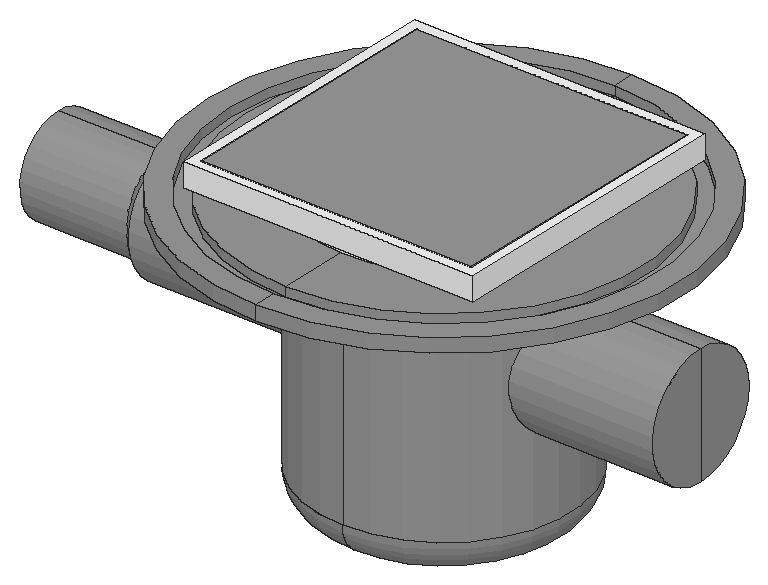
Revit family "HL_Трап для внутренних помещений_HL300", category Instalační zařizovací předměty, Revit 2016
Family settings
  Typ součásti = Normální
  Kóta kulaté spojky = Použít průměr
  Číslo OmniClass = 23.70.50.21.24.14
  Nadpis OmniClass = Deck Waste Water Drains
  Založené na pracovní rovině = Ne
  Vždy vertikální = Ano
  Ořezat dutým tvarem při načtení = Ne
  Sdílené = Ano
  Bod výpočtu místnosti = Ano
Parameters (values of type "131_HL300")
  РЕШЁТКА = "115x115mm / V2A"
  РАЗМЕР = "DN50"
  ПРОПУСКНАЯ СПОСОБНОСТЬ = 0.5 L/s
  ПРОИЗВОДИТЕЛЬНОСТЬ = "0,5 l/sec"
  ПРИЁМНОЕ ОТВЕРСТИЕ = "DN40/50"
  ПРАВОВАЯ ИНФОРМАЦИЯ = "Авторские права(©), права на дизайн или какие либо другие права интелектуальной собственности являются исключительной собственностью компании HL Hutterer & Lechner. Изменению не подлежит. Файл семейства с данными о прозводителе изделия защищен паролем с водяным знаком."  # constant formula
  НОМИНАЛЬНЫЙ ДИАМЕТР ПРИТОКА [instance] = 40 mm
  НОМИНАЛЬНЫЙ ДИАМЕТР = 50 mm
  НАСАДКА = "12-70mm / 123x123mm / PP"
  МАТЕРИАЛ = "PE"
  МАКСИМАЛЬНАЯ НАГРУЗКА КЛАССА = "K3 - 300 kg"
  ВЫСОТА МОНТАЖА = "135 mm"
  ВЕС = "0,80 [kg]"
  Připojení ventilace = no
  Výrobce = "HL Hutterer & Lechner GmbH"  # constant formula
  URL = "http://www.hutterer-lechner.com/ru/products/catalog/floor-drains/attachments/HL300.aspx"
  Připojení odpadu = yes
  Высота монтажа [instance] = 135 mm
  Připojení HW = no
  Keynote = "HL300"
  Popis = "Трапы для внутренних помещений"
  Model = "HL300"
  Komentáře k typům = "HL300 Трап для внутренних помещений DN50 горизонтальный с приёмным отверстием DN40/50, 123х123мм/115х115мм"
  EAN = "9003076703005"
  DN_Test [instance] = if(or(НОМИНАЛЬНЫЙ ДИАМЕТР ПРИТОКА = 40 mm, НОМИНАЛЬНЫЙ ДИАМЕТР ПРИТОКА = 50 mm), 30 mm, 0 mm)  # 30 mm
  Připojení CW = no
  C [instance] = if(НОМИНАЛЬНЫЙ ДИАМЕТР ПРИТОКА = 40 mm, 164 mm, 114 mm)  # 164 mm
  B [instance] = Высота монтажа - 71.3 mm  # 63.7 mm
  A [instance] = if(B - 100 mm > 15 mm, B - 100 mm, 15 mm)  # 15 mm
Reference planes
  plane 1 "Center (Front/Back)": y = 0
  plane 2: z = 0
  plane 3 "Center (Left/Right)": x = 0
  plane 4 "Ball Joint Vertical": x = 0
  plane 5: z = -63.7
  plane 6: z = -135
Lines and regions (mm)
  model lines, style "InvisibleLines", not visible
    curve 1: line (0, 0, 0) -> (0, 0, 963.723)
  symbolic lines, detail levels coarse+medium
    curve 2: line (-75, 75, 0) -> (75, 75, 0)
    curve 3: line (-75, -75, 0) -> (-75, 75, 0)
    curve 4: line (75, -75, 0) -> (-75, -75, 0)
    curve 5: line (75, 75, 0) -> (75, -75, 0)
    curve 6: line (75, 75, 0) -> (145.711, 145.711, 0)
    curve 7: line (75, -75, 0) -> (145.711, -145.711, 0)
    curve 8: line (-75, 75, 0) -> (-145.711, 145.711, 0)
    curve 9: line (-75, -75, 0) -> (-145.711, -145.711, 0)
  symbolic lines, not visible, detail levels coarse+medium
    curve 10: line (-75, 75, 0) -> (75, 75, 0)
    curve 11: line (-75, -75, 0) -> (-75, 75, 0)
    curve 12: line (75, -75, 0) -> (-75, -75, 0)
    curve 13: line (75, 75, 0) -> (75, -75, 0)
    curve 14: line (75, 75, 0) -> (145.711, 145.711, 0)
    curve 15: line (75, -75, 0) -> (145.711, -145.711, 0)
    curve 16: line (-75, 75, 0) -> (-145.711, 145.711, 0)
    curve 17: line (-75, -75, 0) -> (-145.711, -145.711, 0)
  model lines, style "PlumbingFixtures", detail levels coarse+medium
    curve 18: line (48.7, 0, 0) -> (0, 0, -48.7)
    curve 19: line (-48.7, 0, 0) -> (0, 0, -48.7)
    curve 20: line (0, 0, -48.7) -> (0, 0, -63.7)
    curve 21: line (0, 0, -63.7) -> (-55.768, 0, -63.7)
  reference lines
    curve 22: line (0, 0, -63.7) -> (-164, 0, -63.7)
  reference lines, not visible
    curve 23: line (0, 0, -63.7) -> (109, 0, -63.7)
  symbolic lines, style "InvisibleLines", not visible
    curve 24: line (0, 0, 0) -> (0, 0, -30)
  model lines, detail levels coarse+medium
    curve 25: line (109, 0, -63.7) -> (0, 0, -63.7)
    curve 26: line (0, 0, -63.7) -> (-164, 0, -63.7)
Text (mm)
  text "ПОЛ" at (-202.822, 0, -11.375), in view "Drain Construction View"
Dimensions and locks
  plane 3 "Center (Left/Right)" to nested 2 = 0 mm
  "A": curve 20 to plane 5
  "B": curve 19 to plane 5
  "B": curve 18 to plane 5
  "Высота монтажа": plane 2 to plane 6
  curve 20 to plane 4 "Ball Joint Vertical" = 0 mm
  "C": plane 3 "Center (Left/Right)" to curve 22
  "DN_Test": curve 24 to curve 24
  locked: curve 22 to curve 26
  locked: curve 23 to curve 25
  locked: nested 2 to plane 6 at 118.939
  "B": plane 2 to plane 5
  locked: nested 4 to plane 6 at 13.603
  locked: curve 18 to plane 3 "Center (Left/Right)" (angle 45.00°)
  locked: plane 3 "Center (Left/Right)" to curve 19 (angle 45.00°)
  aligned and locked: level to plane 2
  aligned and locked: plane 2 to curve 24
Automatic sketch dimensions
  curve 1 to plane 3 "Center (Left/Right)" = 0 mm
  curve 21 to curve 20 = 55.768 mm
  level to curve 1 = 963.723 mm
  curve 23 to plane 3 "Center (Left/Right)" = 0 mm
  curve 23 to plane 5 = 0 mm
  plane 3 "Center (Left/Right)" to curve 23 = 109 mm
Nested families
  nested 1: "HL_Насадка_HL037N.2E" at (0, 0, 0), type "HL037N.2E_Main Component"
    with Высота монтажа 12 mm, RN 2, RL 1 mm, R no, NL_Test yes, NL 32 mm
  nested 2: "HL_Корпус для трапа внутренних помещений_HL300K" at (0, 0, -16.061) x (-1, 0, 0) z (0, 0, 1), НОМИНАЛЬНЫЙ ДИАМЕТР ПРИТОКА <- "НОМИНАЛЬНЫЙ ДИАМЕТР ПРИТОКА", type "HL300K_Main Component"
    with НОМИНАЛЬНЫЙ ДИАМЕТР ПРИТОКА 40 mm, A 0 mm
  nested 3: "HL_Решётка_HL037Pr.1E" at (0, 0, 0), type "HL037Pr.1E_Main Component"
  nested 4: "HL_Вкладыш сифона_HL0300.6E" at (0, 0, -27.397), type "HL0300.6E_Main Component"
Connectors
  piping at (109, 0, -63.7), diameter 50, driven by "ПРОПУСКНАЯ СПОСОБНОСТЬ", driven by "НОМИНАЛЬНЫЙ ДИАМЕТР"
    settings: on curve 23, index 1, connector inside diameter 609.6 mm, connector length 0 mm, flow factor 0, pipe flow 0.5 L/s, pressure drop 0.0 Pa, fitting loss kfactor 0, connector angle 0.00°, fixture units 0, engagement length 0 mm, angle of deflection 0.00°, flow configuration 1, flow direction 2, fitting loss method 0, system type 16, joint type 0, gender type 0, connector reference index 2, connector utility 0, adjustable connector yes, is connector primary yes, connector description ""
  piping at (-164, 0, -63.7), diameter 40, driven by "ПРОПУСКНАЯ СПОСОБНОСТЬ", driven by "НОМИНАЛЬНЫЙ ДИАМЕТР ПРИТОКА"
    settings: on curve 22, index 2, connector inside diameter 609.6 mm, connector length 0 mm, flow factor 1, pipe flow 0.5 L/s, pressure drop 0.0 Pa, fitting loss kfactor 0, connector angle 0.00°, fixture units 0, engagement length 0 mm, angle of deflection 0.00°, flow configuration 2, flow direction 1, fitting loss method 0, system type 16, joint type 0, gender type 0, connector reference index 1, connector utility 0, adjustable connector yes, is connector primary no, connector description ""
Definition of nested family "HL_Насадка_HL037N.2E"
  Parameters (values of type "HL037N.2E")
    РАЗМЕР = "d 110 mm"
    ПРАВОВАЯ ИНФОРМАЦИЯ = "Авторские права(©), права на дизайн или какие либо другие права интелектуальной собственности являются исключительной собственностью компании HL Hutterer & Lechner. Изменению не подлежит. Файл семейства с данными о прозводителе изделия защищен паролем с водяным знаком."  # constant formula
    НАСАДКА = "123x123mm"
    МАТЕРИАЛ = "PP"
    Высота монтажа [instance] = 70 mm
    ВЫСОТА МОНТАЖА = "12-70mm"
    ВЕС = "0,08 [kg]"
    Waste Connection = yes
    Vent Connection = no
    RD = 6.5 mm  # constant formula
    R [instance] = ((Высота монтажа - NL_Min) / RD - 1) > 2  # yes
    RL [instance] = if(Высота монтажа < 18 mm, 1 mm, RD * RN)  # 71.5 mm
    NL_Test [instance] = and(or(Высота монтажа < NL_Max, Высота монтажа = NL_Max), or(Высота монтажа > NL_Min, Высота монтажа = NL_Min))  # yes
    NL_Min = 12 mm
    NL_Max = 70 mm
    NL [instance] = if(NL_Test, Высота монтажа + 20 mm, 0 mm)  # 90 mm
    RN [instance] = if((Высота монтажа + 20 mm - NL_Min) / RD - 1 < 2, 2, (Высота монтажа + 20 mm - NL_Min) / RD - 1)  # 11
    Manufacturer = "HL Hutterer & Lechner GmbH"  # constant formula
    URL = "http://www.hutterer-lechner.com/ru/products/catalog/floor-drains/attachments/HL037pr.11e.aspx"
    HW Connection = no
    Description = "Трапы для внутренних помещений - Комплектующие"
    Model = "HL037N.2E"
    Type Comments = "HL037N.2E Насадные подрамники d 110мм/90мм/123х123мм с О-кольцом"
    Keynote = "HL037N.2E"
    EAN = "9003076015290"
    CW Connection = no
  Reference planes
    plane 1 "Center (Front/Back)": y = 0
    plane 2: z = 0
    plane 3 "Center (Left/Right)": x = 0
    plane 4 "Ball Joint Vertical": x = 25.45
    plane 5: z = -90
  Forms (mm)
    Extrusion 1, solid, detail levels fine
      sketch origin (0, 0, 0) x (1, 0, 0) y (0, 1, 0)
        loop
          line (-61.5, 61.5) -> (-61.5, -61.5) -> (61.5, -61.5) -> (61.5, 61.5) -> (-61.5, 61.5)
      from -10 to 0
    Extrusion 2, solid, detail levels fine
      sketch origin (0, 0, 0) x (1, 0, 0) y (0, 1, 0)
        loop
          circle (0, 0) r 51.744
      from -90 to -10
    Extrusion 3, void
      sketch origin (0, 0, 0) x (1, 0, 0) y (0, 1, 0)
        loop
          line (-57.5, 57.5) -> (-57.5, -57.5) -> (57.5, -57.5) -> (57.5, 57.5) -> (-57.5, 57.5)
      from 0 to -8
  Cuts and joins
    Extrusion 3 cuts Extrusion 1
  Lines and regions (mm)
    symbolic lines
      curve 1: line (0, 0, -90) -> (0, 0, 0)
    model lines
      curve 2: line (0, 0, 0) -> (0, 0, 100)
  Text (mm)
    text "ROOF/FLOOR" at (-198.233, 0, -26.556), in view "Drain Construction View"
  Dimensions and locks
    locked: plane 4 "Ball Joint Vertical" to plane 3 "Center (Left/Right)" at 25.45
    "NL": plane 2 to plane 5
    equal spacing: group 1, group 3, group 4, group 5, group 6, group 7, group 8, group 9, group 10, group 11, group 2  (x3)
    "RL": nested 2 to nested 1
    locked: nested 1 to plane 5 at 1.516
    aligned and locked: level to plane 2
    aligned and locked: plane 3 "Center (Left/Right)" to nested 1
    aligned and locked: plane 1 "Center (Front/Back)" to nested 1
    aligned and locked: plane 2 to curve 1
    aligned and locked: plane 5 to curve 1
    aligned and locked: Extrusion 2 to plane 5
  Automatic sketch dimensions
    Extrusion 1 sketch curve to plane 3 "Center (Left/Right)" = 61.5 mm
    plane 4 "Ball Joint Vertical" to Extrusion 1 sketch curve = 36.05 mm
    plane 1 "Center (Front/Back)" to Extrusion 1 sketch curve = 61.5 mm
    Extrusion 1 sketch curve to plane 1 "Center (Front/Back)" = 61.5 mm
    plane 1 "Center (Front/Back)" to Extrusion 2 sketch curve = 0 mm
    Extrusion 2 sketch curve to plane 3 "Center (Left/Right)" = 0 mm
    Extrusion 3 sketch curve to plane 3 "Center (Left/Right)" = 57.5 mm
    plane 4 "Ball Joint Vertical" to Extrusion 3 sketch curve = 32.05 mm
    plane 1 "Center (Front/Back)" to Extrusion 3 sketch curve = 57.5 mm
    Extrusion 3 sketch curve to plane 1 "Center (Front/Back)" = 57.5 mm
    curve 2 to plane 3 "Center (Left/Right)" = 0 mm
    level to curve 2 = 100 mm
    radius of Extrusion 2 sketch curve = 51.744 mm
  Nested families
    nested 1: "Ring" at (0, 0, -88.484), visible <- "R", type "Ring"
      with R 51.7 mm, D 103.4 mm
    nested 2: "Ring" at (0, 0, -16.984), visible <- "R", type "Ring"
      with R 51.7 mm, D 103.4 mm
    nested 3: "Ring" at (0, 0, -81.334), visible <- "R", type "Ring"
      with R 51.7 mm, D 103.4 mm
    nested 4: "Ring" at (0, 0, -74.184), visible <- "R", type "Ring"
      with R 51.7 mm, D 103.4 mm
    nested 5: "Ring" at (0, 0, -67.034), visible <- "R", type "Ring"
      with R 51.7 mm, D 103.4 mm
    nested 6: "Ring" at (0, 0, -59.884), visible <- "R", type "Ring"
      with R 51.7 mm, D 103.4 mm
    nested 7: "Ring" at (0, 0, -52.734), visible <- "R", type "Ring"
      with R 51.7 mm, D 103.4 mm
    nested 8: "Ring" at (0, 0, -45.584), visible <- "R", type "Ring"
      with R 51.7 mm, D 103.4 mm
    nested 9: "Ring" at (0, 0, -38.434), visible <- "R", type "Ring"
      with R 51.7 mm, D 103.4 mm
    nested 10: "Ring" at (0, 0, -31.284), visible <- "R", type "Ring"
      with R 51.7 mm, D 103.4 mm
    nested 11: "Ring" at (0, 0, -24.134), visible <- "R", type "Ring"
      with R 51.7 mm, D 103.4 mm
  Definition of nested family "Ring"
    Parameters (values of type "Ring")
      Manufacturer = ""
      URL = ""
      R = D / 2  # 51.5 mm
      Description = ""
      Model = ""
      Material = none
      Type Comments = ""
      D = 103 mm
      Cost = 0
    Reference planes
      plane 1 "Střed (vpředu/vzadu)": y = 0
      plane 2: z = 0
      plane 3 "Střed (vlevo/vpravo)": x = 0
    Forms (mm)
      Revolve 1, solid, material <- "Material", detail levels fine
        sketch origin (0, 0, 0) x (1, 0, 0) y (0, 0, 1)
          loop
            line (-51.5, 1.482) -> (-54.764, 0) -> (-51.5, -1.516) -> (-51.5, 1.482)
          axis (0, 1.482) -> (0, -1.516)
        angle from 0 to 360
    Dimensions and locks
      "R": Revolve 1 sketch curve to plane 3 "Střed (vlevo/vpravo)"
      aligned and locked: level to plane 2
      aligned and locked: Revolve 1 sketch curve to plane 3 "Střed (vlevo/vpravo)"
    Automatic sketch dimensions
      Revolve 1 sketch curve to level = 0 mm
      Revolve 1 sketch curve to Revolve 1 sketch curve = 3.264 mm
      Revolve 1 sketch curve to level = 1.516 mm
      level to Revolve 1 sketch curve = 1.482 mm
      Revolve 1 sketch curve to level = 381 mm
      Revolve 1 sketch curve to Revolve 1 sketch curve = 2212.833 mm
Definition of nested family "HL_Корпус для трапа внутренних помещений_HL300K"
  Parameters (values of type "HL300K")
    РАЗМЕР = "DN50"
    ПРИЁМНОЕ ОТВЕРСТИЕ = "DN40/50"
    ПРАВОВАЯ ИНФОРМАЦИЯ = "Авторские права(©), права на дизайн или какие либо другие права интелектуальной собственности являются исключительной собственностью компании HL Hutterer & Lechner. Изменению не подлежит. Файл семейства с данными о прозводителе изделия защищен паролем с водяным знаком."  # constant formula
    НОМИНАЛЬНЫЙ ДИАМЕТР ПРИТОКА [instance] = 40 mm
    МАТЕРИАЛ = "PE"
    ВЫСОТА МОНТАЖА = "123 mm"
    ВЕС = "0,463 [kg]"
    Waste Connection = yes
    Vent Connection = no
    Manufacturer = "HL Hutterer & Lechner GmbH"  # constant formula
    URL = "http://www.hutterer-lechner.com/ru/products/catalog/floor-drains/attachments/HL300k.aspx"
    HW Connection = no
    Description = "Трапы для внутренних помещений - Комплектующие"
    Model = "HL300K"
    Type Comments = "HL300K Корпус трапа для внутренних помещений DN50 горизонтальный с отверстием DN40/50."
    Keynote = "HL300K"
    EAN = "9003076001675"
    CW Connection = no
    A [instance] = if(НОМИНАЛЬНЫЙ ДИАМЕТР ПРИТОКА = 40 mm, 0 mm, if(НОМИНАЛЬНЫЙ ДИАМЕТР ПРИТОКА = 50 mm, 50 mm, -10 mm))  # 0 mm
  Reference planes
    plane 1 "Center (Front/Back)": y = 0
    plane 2: z = 0
    plane 3 "Center (Left/Right)": x = 0
    plane 4 "Ball Joint Vertical": x = 25.45
  Forms (mm)
    Revolve 1, solid, detail levels fine
      sketch origin (0, 0, 0) x (0, 1, 0) y (0, 0, 1)
        loop
          line (100, -6) -> (100, 0) -> (90.5, 0) -> (90.5, -4) -> (84, -4) -> (84, 0) -> (55, 0) -> (55, -14.411) -> (41, -14.411) -> (41, -10.836) -> (39, -10.836) -> (39, -22.336) -> (34.5, -22.336) -> (34.5, -24.336) -> (42, -24.336) -> (42, -21.276) -> (50.5, -21.276) -> (51.5, -20.276) -> (51.5, -16.776) -> (56.5, -16.776)
          arc (56.5, -16.776) -> (57.207, -16.483) -> (57.5, -15.776) r 1
          line (57.5, -15.776) -> (58.208, -6) -> (58.208, -18.488) -> (60.5, -18.488) -> (60.5, -21.988) -> (51.804, -21.988) -> (51, -24.988) -> (51, -103.988)
          arc (51, -103.988) -> (47.485, -112.473) -> (39, -115.988) r 12
          line (39, -115.988) -> (0, -115.988) -> (0, -118.988) -> (39, -118.988)
          arc (39, -118.988) -> (49.607, -114.595) -> (54, -103.988) r 15
          line (54, -103.988) -> (54, -25.988) -> (63.5, -25.988) -> (63.5, -6) -> (100, -6)
        axis (0, 0) -> (0, -118.988)
      angle from 0 to 360
    Revolve 2, solid, detail levels fine
      sketch origin (0, 0, 0) x (1, 0, 0) y (0, 0, 1)
        loop
          line (42.757, -72.853) -> (114, -72.853) -> (118.865, -67.988) -> (164, -67.988) -> (164, -47.673) -> (42.757, -47.673) -> (42.757, -72.853)
        axis (164, -47.673) -> (42.757, -47.673)
      angle from 0 to 360
    Revolve 3, solid, detail levels fine
      sketch origin (0, 0, 0) x (1, 0, 0) y (0, 0, 1)
        loop
          line (-109, -47.595) -> (-109, -72.988) -> (-39, -72.988) -> (-39, -47.595) -> (-109, -47.595)
        axis (-109, -47.595) -> (-39, -47.595)
      angle from 0 to 360
    Revolve 4, void
      sketch origin (0, 0, -150) x (1, 0, 0) y (0, 0, 1)
        loop
          line (51, 125.012) -> (51.804, 128.012) -> (42.357, 128.012) -> (42.357, 125.344) -> (0, 125.344) -> (0, 45.344) -> (51, 45.344) -> (51, 125.012)
        axis (0, 45.344) -> (0, 128.012)
      angle from 0 to 360
    Extrusion 5, void
      sketch origin (164, 0, -47.673) x (0, 0, 1) y (0, 1, 0)
        loop
          line (29.185, 37.24) -> (-30.815, 37.24) -> (-30.815, -37.76) -> (29.185, -37.76) -> (29.185, 37.24)
      from -10 to 0 <- "A"
  Cuts and joins
    Revolve 4, Extrusion 5 cuts Revolve 2
    joined: Revolve 1, Revolve 2
    Revolve 4 cuts Revolve 3
  Text (mm)
    text "ROOF/FLOOR" at (-213.15, 0, -13.934), in view "Drain Construction View"
  Dimensions and locks
    locked: plane 4 "Ball Joint Vertical" to plane 3 "Center (Left/Right)" at 25.45
    aligned and locked: level to plane 2
    aligned and locked: Revolve 3 sketch curve to Revolve 3 sketch curve
Definition of nested family "HL_Решётка_HL037Pr.1E"
  Parameters (values of type "HL037Pr.1E")
    РАЗМЕР = "115x115mm"
    ПРАВОВАЯ ИНФОРМАЦИЯ = "Авторские права(©), права на дизайн или какие либо другие права интелектуальной собственности являются исключительной собственностью компании HL Hutterer & Lechner. Изменению не подлежит. Файл семейства с данными о прозводителе изделия защищен паролем с водяным знаком."  # constant formula
    МАТЕРИАЛ = "V2A"
    МАКСИМАЛЬНАЯ НАГРУЗКА КЛАССА = "K3 - 300 kg"
    ВЕС = "0,15 [kg]"
    Waste Connection = yes
    Vent Connection = no
    Manufacturer = "HL Hutterer & Lechner GmbH"  # constant formula
    URL = "http://www.hutterer-lechner.com/ru/products/catalog/floor-drains/attachments/HL037pr.1e.aspx"
    HW Connection = no
    Description = "Трапы для внутренних помещений - Комплектующие"
    Model = "HL037Pr.1E"
    Type Comments = "HL037Pr.1E Решётка из нержавеющей стали 115х115 мм"
    Keynote = "HL037Pr.1E"
    EAN = "9003076028474"
    CW Connection = no
  Reference planes
    plane 1 "Center (Front/Back)": y = 0
    plane 2: z = 0
    plane 3 "Center (Left/Right)": x = 0
    plane 4 "Ball Joint Vertical": x = 25.45
  Forms (mm)
    Extrusion 1, solid, detail levels fine
      sketch origin (0, 0, 0) x (1, 0, 0) y (0, 1, 0)
        loop
          line (57.5, 57.5) -> (-57.5, 57.5) -> (-57.5, -57.5) -> (57.5, -57.5) -> (57.5, 57.5)
      from 0 to -5
  Lines and regions (mm)
    model lines, detail levels fine
      curve 1: spline (-13.927, 0, 0) -> (-13.452, 1.165, 0) -> (-12.061, 2.25, 0) -> (-9.848, 3.182, 0) -> (-6.964, 3.897, 0) -> (-3.605, 4.347, 0) -> (0, 4.5, 0) -> (3.605, 4.347, 0) -> (6.964, 3.897, 0) -> (9.848, 3.182, 0) -> (12.061, 2.25, 0) -> (13.452, 1.165, 0) -> (13.927, 0, 0) -> (13.452, -1.165, 0) -> (12.061, -2.25, 0) -> (9.848, -3.182, 0) -> (6.964, -3.897, 0) -> (3.605, -4.347, 0) -> (0, -4.5, 0) -> (-3.605, -4.347, 0) -> (-6.964, -3.897, 0) -> (-9.848, -3.182, 0) -> (-12.061, -2.25, 0) -> (-13.452, -1.165, 0) -> (-13.927, 0, 0)
      curve 2: line (-5.9, 0.4, 0) -> (-11.9, 0.4, 0)
      curve 3: line (-3.65, -2, 0) -> (-3.65, 2, 0)
      curve 4: arc (-3.65, 2, 0) -> (-3.15, 2.5, 0) -> (-2.65, 2, 0) r 0.5
      curve 5: line (-2.65, 2, 0) -> (-2.65, 0.5, 0)
      curve 6: line (-2.65, 0.5, 0) -> (-0.65, 0.5, 0)
      curve 7: line (-0.65, 0.5, 0) -> (-0.65, 2, 0)
      curve 8: arc (-0.65, 2, 0) -> (-0.15, 2.5, 0) -> (0.35, 2, 0) r 0.5
      curve 9: line (0.35, 2, 0) -> (0.35, -2, 0)
      curve 10: arc (0.35, -2, 0) -> (-0.15, -2.5, 0) -> (-0.65, -2, 0) r 0.5
      curve 11: line (-0.65, -2, 0) -> (-0.65, -0.5, 0)
      curve 12: line (-0.65, -0.5, 0) -> (-2.65, -0.5, 0)
      curve 13: line (-2.65, -0.5, 0) -> (-2.65, -2, 0)
      curve 14: arc (-2.65, -2, 0) -> (-3.15, -2.5, 0) -> (-3.65, -2, 0) r 0.5
      curve 15: line (1.85, -2, 0) -> (1.85, 2, 0)
      curve 16: arc (1.85, 2, 0) -> (1.996, 2.354, 0) -> (2.35, 2.5, 0) r 0.5
      curve 17: arc (2.35, 2.5, 0) -> (2.704, 2.354, 0) -> (2.85, 2, 0) r 0.5
      curve 18: line (2.85, 2, 0) -> (2.85, -1, 0)
      curve 19: arc (2.85, -1, 0) -> (2.996, -1.354, 0) -> (3.35, -1.5, 0) r 0.5
      curve 20: line (3.35, -1.5, 0) -> (4.35, -1.5, 0)
      curve 21: arc (4.35, -1.5, 0) -> (4.85, -2, 0) -> (4.35, -2.5, 0) r 0.5
      curve 22: line (4.35, -2.5, 0) -> (2.35, -2.5, 0)
      curve 23: arc (2.35, -2.5, 0) -> (1.996, -2.354, 0) -> (1.85, -2, 0) r 0.5
      curve 24: line (12.1, 0.4, 0) -> (6.1, 0.4, 0)
      curve 25: line (-5.9, -0.4, 0) -> (-11.9, -0.4, 0)
      curve 26: line (12.1, -0.4, 0) -> (6.1, -0.4, 0)
      curve 27: line (-5.9, 0.4, 0) -> (-5.9, -0.4, 0)
      curve 28: line (-11.9, 0.4, 0) -> (-11.9, -0.4, 0)
      curve 29: line (6.1, 0.4, 0) -> (6.1, -0.4, 0)
      curve 30: line (12.1, 0.4, 0) -> (12.1, -0.4, 0)
      curve 31: arc (38.029, -24.059, 0) -> (45, 0, 0) -> (38.029, 24.059, 0) r 45
      curve 32: arc (38.029, 24.059, 0) -> (35.09, 25.896, 0) -> (31.82, 24.749, 0) r 4
      curve 33: arc (31.82, 24.749, 0) -> (30.673, 22.362, 0) -> (31.268, 19.782, 0) r 4
      curve 34: arc (31.268, 19.782, 0) -> (37, 0, 0) -> (31.268, -19.782, 0) r 37
      curve 35: arc (31.268, -19.782, 0) -> (30.673, -22.362, 0) -> (31.82, -24.749, 0) r 4
      curve 36: arc (31.82, -24.749, 0) -> (35.09, -25.896, 0) -> (38.029, -24.059, 0) r 4
      curve 37: arc (24.059, 38.029, 0) -> (0, 45, 0) -> (-24.059, 38.029, 0) r 45
      curve 38: arc (-24.059, 38.029, 0) -> (-25.896, 35.09, 0) -> (-24.749, 31.82, 0) r 4
      curve 39: arc (-24.749, 31.82, 0) -> (-22.362, 30.673, 0) -> (-19.782, 31.268, 0) r 4
      curve 40: arc (-19.782, 31.268, 0) -> (0, 37, 0) -> (19.782, 31.268, 0) r 37
      curve 41: arc (19.782, 31.268, 0) -> (22.362, 30.673, 0) -> (24.749, 31.82, 0) r 4
      curve 42: arc (24.749, 31.82, 0) -> (25.896, 35.09, 0) -> (24.059, 38.029, 0) r 4
      curve 43: arc (24.059, -38.029, 0) -> (0, -45, 0) -> (-24.059, -38.029, 0) r 45
      curve 44: arc (-24.059, -38.029, 0) -> (-25.896, -35.09, 0) -> (-24.749, -31.82, 0) r 4
      curve 45: arc (-24.749, -31.82, 0) -> (-22.362, -30.673, 0) -> (-19.782, -31.268, 0) r 4
      curve 46: arc (-19.782, -31.268, 0) -> (0, -37, 0) -> (19.782, -31.268, 0) r 37
      curve 47: arc (19.782, -31.268, 0) -> (22.362, -30.673, 0) -> (24.749, -31.82, 0) r 4
      curve 48: arc (24.749, -31.82, 0) -> (25.896, -35.09, 0) -> (24.059, -38.029, 0) r 4
      curve 49: arc (-38.029, -24.059, 0) -> (-45, 0, 0) -> (-38.029, 24.059, 0) r 45
      curve 50: arc (-38.029, 24.059, 0) -> (-35.09, 25.896, 0) -> (-31.82, 24.749, 0) r 4
      curve 51: arc (-31.82, 24.749, 0) -> (-30.673, 22.362, 0) -> (-31.268, 19.782, 0) r 4
      curve 52: arc (-31.268, 19.782, 0) -> (-37, 0, 0) -> (-31.268, -19.782, 0) r 37
      curve 53: arc (-31.268, -19.782, 0) -> (-30.673, -22.362, 0) -> (-31.82, -24.749, 0) r 4
      curve 54: arc (-31.82, -24.749, 0) -> (-35.09, -25.896, 0) -> (-38.029, -24.059, 0) r 4
    model lines
      curve 55: line (0, 0, 0) -> (0, 0, 100)
  Text (mm)
    text "ROOF/FLOOR" at (-198.233, 0, -26.556), in view "Drain Construction View"
  Dimensions and locks
    locked: plane 4 "Ball Joint Vertical" to plane 3 "Center (Left/Right)" at 25.45
    aligned and locked: level to plane 2
Definition of nested family "HL_Вкладыш сифона_HL0300.6E"
  Parameters (values of type "HL0300.6E")
    ПРАВОВАЯ ИНФОРМАЦИЯ = "Авторские права(©), права на дизайн или какие либо другие права интелектуальной собственности являются исключительной собственностью компании HL Hutterer & Lechner. Изменению не подлежит. Файл семейства с данными о прозводителе изделия защищен паролем с водяным знаком."  # constant formula
    ВЕС = "0,06 [kg]"
    Waste Connection = no
    Vent Connection = no
    Manufacturer = "HL Hutterer & Lechner GmbH"  # constant formula
    URL = "http://www.hutterer-lechner.com/ru/products/catalog/floor-drains/attachments/HL0300.6e.aspx"
    HW Connection = no
    Description = "Трапы для внутренних помещений - Комплектующие"
    Model = "HL0300.6E"
    Type Comments = "HL0300.6E Вкладыш запахозапирающий комплектный"
    Keynote = "HL0300.6E"
    EAN = "9003076001224"
    CW Connection = no
  Reference planes
    plane 1 "Center (Front/Back)": y = 0
    plane 2: z = 0
    plane 3 "Center (Left/Right)": x = 0
    plane 4 "Ball Joint Vertical": x = 25.45
  Forms (mm)
    Revolve 1, solid, detail levels fine
      sketch origin (0, 0, 0) x (0, 1, 0) y (0, 0, 1)
        loop
          line (34.779, -11) -> (32.485, -11) -> (32.485, -90) -> (34.779, -90) -> (34.779, -11)
        axis (0, -11) -> (0, -90)
      angle from 0 to 360
    Revolve 2, solid, detail levels fine
      sketch origin (0, 0, 0) x (0, 1, 0) y (0, 0, 1)
        loop
          line (38.4, 0) -> (22.7, -0.841) -> (22.7, -3.345) -> (34, -2.729) -> (34, -7) -> (32.485, -7) -> (32.485, -11) -> (38.4, -11) -> (38.4, 0)
        axis (0, 0) -> (0, -11)
      angle from 0 to 360
    Revolve 3, solid, detail levels fine
      sketch origin (0, 0, 0) x (0, 1, 0) y (0, 0, 1)
        loop
          line (22.9, -67) -> (24.48, -67) -> (24.48, -45.01)
          arc (24.48, -45.01) -> (17.215, -28.215) -> (0, -22.01) r 23.045
          line (0, -22.01) -> (0, -23.606)
          arc (0, -23.606) -> (16.161, -29.985) -> (22.9, -46) r 22.4
          line (22.9, -46) -> (22.9, -67)
        axis (0, -22.01) -> (0, -67)
      angle from 0 to 360
    Extrusion 4, solid, detail levels fine
      sketch origin (0, 0, 0) x (1, 0, 0) y (0, 1, 0)
        loop
          line (29.77, 13) -> (-29.77, 13)
          arc (-29.77, 13) -> (-32.485, 0) -> (-29.77, -13) r 32.485
          line (-29.77, -13) -> (29.77, -13)
          arc (29.77, -13) -> (32.485, 0) -> (29.77, 13) r 32.485
      from -86 to -90
    Extrusion 5, solid, detail levels fine
      sketch origin (0, 0, 0) x (1, 0, 0) y (0, 1, 0)
        loop
          line (-29, 11) -> (29, 11) -> (29, 13) -> (-29, 13) -> (-29, 11)
        loop
          line (-29, -11) -> (-29, -13) -> (29, -13) -> (29, -11) -> (-29, -11)
      from -90 to -94
  Cuts and joins
    joined: Revolve 1, Extrusion 4, Extrusion 5
  Text (mm)
    text "ROOF/FLOOR" at (-198.233, 0, -26.556), in view "Drain Construction View"
  Dimensions and locks
    locked: plane 4 "Ball Joint Vertical" to plane 3 "Center (Left/Right)" at 25.45
    aligned and locked: level to plane 2
